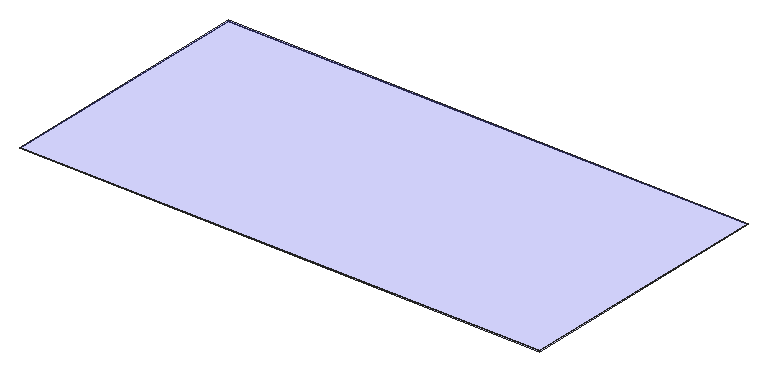
Revit family "RM - Piano Tavolo", category Modelli generici, Revit 2016
Family settings
  Tipo di parte = Normale
  Può ospitare armatura = No
  Quota connettore circolare = Usa diametro
  Basato su piano di lavoro = No
  Sempre verticale = Sì
  Taglio con vuoti quando caricato = No
  Condiviso = No
  Punto di calcolo locali = No
Parameters
  Spessore Vetro = 0.01 m
  Profondità Vetro [instance] = 2.00 m
  Materiale [instance] = Vetro
  Larghezza Vetro [instance] = 4.00 m
Reference planes (m)
  plane 1 "Centro (Fronte/Retro)": y = 0
  plane 2: z = 0
  plane 3 "Centro (Sinistra/Destra)": x = 0
  plane 4: y = 1
  plane 5: y = -1
  plane 6: x = -2
  plane 7: x = 2
  plane 8: z = 0.01
Forms (m)
  Extrusion 1, solid, material "Vetro" <- "Materiale"
    sketch origin (0, 0, 0) x (1, 0, 0) y (0, 1, 0)
      loop
        line (-2, 1) -> (-2, -1) -> (2, -1) -> (2, 1) -> (-2, 1)
    from 0.01 to 0
Dimensions and locks (m)
  "Larghezza Vetro": plane 6 to plane 7
  "Profondità Vetro": plane 4 to plane 5
  "Spessore Vetro": plane 8 to plane 2
  aligned and locked: level to plane 2
  aligned and locked: plane 6 to Extrusion 1 sketch curve
  aligned and locked: Extrusion 1 sketch curve to plane 4
  aligned and locked: Extrusion 1 sketch curve to plane 7
  aligned and locked: Extrusion 1 sketch curve to plane 5
  aligned and locked: plane 8 to Extrusion 1
  aligned and locked: Extrusion 1 to Extrusion 1
